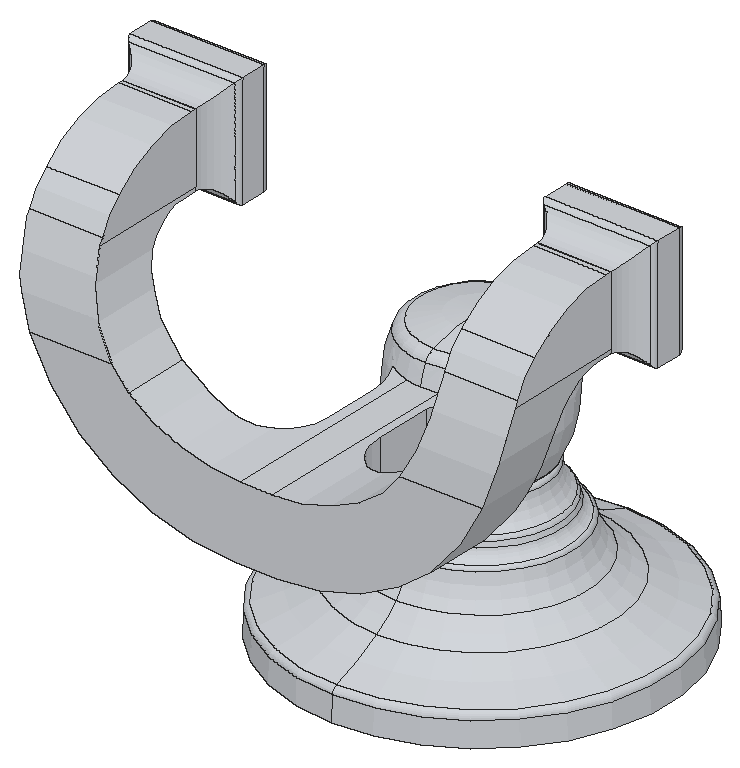
Revit family "Accessory-Robe_Hook-KOHLER-Bancroft-K-11414", category Generic Models, host Face, Revit 2015
Parameters (values of type "CP-Polished Chrome")
  Width = 3 3/16"  # constant formula
  URL = "https://www.us.kohler.com/us/"
  Type = 1
  Product Page URL = "http://www.us.kohler.com/us/catalog/productDetails.jsp?productNumber=11414"
  Product Name = "Bancroft"  # constant formula
  Product Documentation Link = "http://www.us.kohler.com/onlinecatalog/pdf/K-11414_spec.pdf"
  Model = if(Type = 1, "K-11414-CP", if(Type = 2, "K-11414-SN", if(Type = 3, "K-11414-G", if(Type = 4, "K-11414-BN", if(Type = 5, "K-11414-BV", if(Type = 6, "K-11414-2BZ", "NA"))))))  # "K-11414-CP"
  Material = "Premium Metal Construction"  # constant formula
  MasterFormat 2004 = "10.28.13"  # constant formula
  MasterFormat 1995 = "10820"  # constant formula
  Manufacturer Address = "444 Highland Dr, Kohler, WI 53044"  # constant formula
  Manufacturer = "KOHLER Co."  # constant formula
  Length = 2 15/16"  # constant formula
  Height = 2 13/16"  # constant formula
  Finish = Kohler-Metal-CP-Polished_Chrome
  Environmental Product Declaration = ""
  Description = "Robe hook"  # constant formula
  Default Elevation = 42"
  Declare Label = ""
  Date Modified = "11/21/2017"  # constant formula
  Date Created = "11/21/2017"  # constant formula
  Copyright = "Copyright KOHLER Co."  # constant formula
  Contact Us = "https://www.us.kohler.com/us/static/contact.jsp"
  Assembly Code = "C1030200"
  ADA = no
Types (7): name | Type | Model | Finish
  (no name) | 1 | "K-11414-CP" | Kohler-Metal-CP-Polished_Chrome
  CP-Polished Chrome | 1 | "K-11414-CP" | Kohler-Metal-CP-Polished_Chrome
  SN-Vibrant Polished Nickel | 2 | "K-11414-SN" | Kohler-Metal-SN-Vibrant_Polished_Nickel
  G-Brushed Chrome | 3 | "K-11414-G" | Kohler-Metal-G-Brushed_Chrome
  BN-Vibrant Brushed Nickel | 4 | "K-11414-BN" | Kohler-Metal-BN-Vibrant_Brushed_Nickel
  BV-Vibrant Brushed Bronze | 5 | "K-11414-BV" | Kohler-Metal-BV-Brushed_Bronze
  2BZ-Oil Rubbed Bronze | 6 | "K-11414-2BZ" | Kohler-Metal-2BZ-Oil_Rubbed_Bronze
Reference planes (in)
  plane 1 "Center (Front/Back)": y = 0
  plane 2: z = 0
  plane 3 "Center (Left/Right)": x = 0
  plane 4: y = 1.11641
  plane 5: y = -1.69609
  plane 6: x = -1.59219
  plane 7: x = 1.59531
  plane 8: z = 2.9375
Dimensions and locks (in)
  "Height": plane 4 to plane 5
  "Width": plane 6 to plane 7
  "Length": plane 8 to level
  aligned and locked: plane 2 to host face
  aligned and locked: level to host face
Automatic sketch dimensions
  host sketch curve to host sketch curve = 96"  (x2)
Nested families (in)
  nested 1: "K-11414" at (0, 0, 0), type "K-11414"
Definition of nested family "K-11414"
  Parameters (values of type "K-11414")
    Material = none
  Reference planes (in)
    plane 1 "Center (Front/Back)": y = 0
    plane 2: z = 0
    plane 3 "Center (Left/Right)": x = 0
  Forms (in)
    Revolve 1, solid, material <- "Material"
      sketch origin (0, 0, 0) x (0, 1, 0) y (0, 0, 1)
        loop
          arc (1.12003, 0.14735) -> (1.11099, 0.17253) -> (1.08902, 0.1878) r 0.04391
          arc (1.08902, 0.1878) -> (0.93202, 0.2472) -> (0.7839, 0.32619) r 1.3097
          arc (0.7839, 0.32619) -> (0.70715, 0.38068) -> (0.63789, 0.44443) r 0.74411
          arc (0.63789, 0.44443) -> (0.57902, 0.52896) -> (0.54879, 0.62742) r 0.33313
          arc (0.54879, 0.62742) -> (0.54277, 0.64169) -> (0.53051, 0.65115) r 0.03047
          arc (0.53051, 0.65115) -> (0.49533, 0.67714) -> (0.47581, 0.71628) r 0.09359
          line (0.47581, 0.71628) -> (0.46881, 0.7466)
          arc (0.46881, 0.7466) -> (0.46291, 0.76124) -> (0.4528, 0.77337) r 0.05084
          arc (0.4528, 0.77337) -> (0.40141, 0.84174) -> (0.38168, 0.92495) r 0.20915
          arc (0.38168, 0.92495) -> (0.37264, 0.9456) -> (0.35312, 0.95408) r 0.02993
          arc (0.35312, 0.95408) -> (0.3684, 0.95832) -> (0.37932, 0.96982) r 0.02968
          arc (0.37932, 0.96982) -> (0.47143, 1.29546) -> (0.42059, 1.63003) r 0.79964
          arc (0.42059, 1.63003) -> (0.39746, 1.66394) -> (0.3615, 1.68372) r 0.08828
          arc (0.3615, 1.68372) -> (0.18239, 1.72026) -> (0, 1.73252) r 1.36448
          line (0, 1.73252) -> (0, 0.00023) -> (1.12516, 0.00023) -> (1.12003, 0.14735)
        axis (0, 0.00023) -> (0, 1.73252)
      angle from 0 to 360
    Extrusion 2, solid, material <- "Material"
      sketch origin (0, 0, 0) x (1, 0, 0) y (0, 0, 1)
        loop
          line (-1.47, 2.83229) -> (-1.47, 2.41048)
          arc (-1.47, 2.41048) -> (-1.36338, 1.8822) -> (-1.06023, 1.43662) r 1.3621
          arc (-1.06023, 1.43662) -> (-0.62776, 1.16793) -> (-0.12733, 1.07412) r 1.38164
          line (-0.12733, 1.07412) -> (0.12733, 1.07412)
          arc (0.12733, 1.07412) -> (0.62776, 1.16793) -> (1.06023, 1.43662) r 1.38164
          arc (1.06023, 1.43662) -> (1.36338, 1.8822) -> (1.47, 2.41048) r 1.3621
          line (1.47, 2.41048) -> (1.47, 2.83229) -> (1.03, 2.83229) -> (1.03, 2.41048)
          arc (1.03, 2.41048) -> (0.96198, 2.06055) -> (0.76783, 1.76159) r 0.93411
          arc (0.76783, 1.76159) -> (0.45406, 1.57896) -> (0.0966, 1.5155) r 1.03846
          line (0.0966, 1.5155) -> (-0.0966, 1.5155)
          arc (-0.0966, 1.5155) -> (-0.45406, 1.57896) -> (-0.76783, 1.76159) r 1.03846
          arc (-0.76783, 1.76159) -> (-0.96198, 2.06055) -> (-1.03, 2.41048) r 0.93411
          line (-1.03, 2.41048) -> (-1.03, 2.83229) -> (-1.47, 2.83229)
      from 0.29667 to 1.69589
    Extrusion 3, void
      sketch origin (0, 0, 0) x (1, 0, 0) y (0, 1, 0)
        loop
          line (0.15748, -0.61551) -> (0.15748, -0.96076)
          arc (0.15748, -0.96076) -> (0.25586, -1.19829) -> (0.49339, -1.29667) r 0.33591
          line (0.49339, -1.29667) -> (1.55283, -1.29667) -> (1.55283, -0.29667) -> (0.30183, -0.29667)
          arc (0.30183, -0.29667) -> (0.19525, -0.44051) -> (0.15748, -0.61551) r 0.4243
        loop
          arc (-0.15748, -0.61551) -> (-0.19525, -0.44051) -> (-0.30183, -0.29667) r 0.4243
          line (-0.30183, -0.29667) -> (-1.55283, -0.29667) -> (-1.55283, -1.29667) -> (-0.49339, -1.29667)
          arc (-0.49339, -1.29667) -> (-0.25586, -1.19829) -> (-0.15748, -0.96076) r 0.33591
          line (-0.15748, -0.96076) -> (-0.15748, -0.61551)
      from 0.95408 to 1.76159
    Extrusion 4, void
      sketch origin (0, 0, 0) x (0, 1, 0) y (0, 0, 1)
        loop
          line (-1.29667, 1.65227) -> (-0.26174, 1.65227) -> (-0.26174, 3.04505) -> (-0.86056, 3.04505) -> (-0.86056, 2.38882) -> (-0.96071, 2.38882)
          arc (-0.96071, 2.38882) -> (-1.03377, 2.37859) -> (-1.10122, 2.3487) r 0.26613
          arc (-1.10122, 2.3487) -> (-1.1933, 2.26352) -> (-1.24715, 2.15023) r 0.3316
          arc (-1.24715, 2.15023) -> (-1.28424, 1.95748) -> (-1.29667, 1.76159) r 1.54991
          line (-1.29667, 1.76159) -> (-1.29667, 1.65227)
      from -2.81298 to 2.76581
    Extrusion 5, void
      sketch origin (0, 0, 0) x (0, 1, 0) y (0, 0, 1)
        loop
          line (-0.29667, 2.83229) -> (-0.29667, 3.37254) -> (-2.32757, 3.37254) -> (-2.32757, 1.07412) -> (-1.69589, 1.07412) -> (-1.69589, 1.88131)
          arc (-1.69589, 1.88131) -> (-1.6604, 2.17085) -> (-1.56471, 2.44642) r 1.37691
          arc (-1.56471, 2.44642) -> (-1.50896, 2.54) -> (-1.43623, 2.62108) r 0.56265
          arc (-1.43623, 2.62108) -> (-1.18487, 2.77762) -> (-0.89383, 2.83229) r 0.80206
          line (-0.89383, 2.83229) -> (-0.29667, 2.83229)
      from -2.2343 to 2.14038
    Sweep 6, solid, material <- "Material"
      path origin (0, -0.86056, 2.38882) x (0, 0, 1) y (1, 0, 0)
        loop
          line (0.44347, -1.47) -> (0.44347, -1.03) -> (0, -1.03) -> (0, -1.47) -> (0.44347, -1.47)
      profile origin (-1.25, -0.86056, 2.83229) x (0, 0, -1) y (0, 1, 0)
        loop
          line (0, 0) -> (0.19241, 0) -> (0.19241, 0.45795) -> (0.13104, 0.45795)
          arc (0.13104, 0.45795) -> (0.01345, 0.44332) -> (-0.09696, 0.40033) r 0.47995
          arc (-0.09696, 0.40033) -> (-0.11345, 0.38453) -> (-0.11952, 0.36252) r 0.04297
          line (-0.11952, 0.36252) -> (-0.11952, 0.20436)
          arc (-0.11952, 0.20436) -> (-0.11399, 0.18397) -> (-0.09893, 0.16916) r 0.04039
          arc (-0.09893, 0.16916) -> (-0.02655, 0.09798) -> (0, 0) r 0.19408
    Sweep 7, solid, material <- "Material"
      path origin (0, -0.86056, 2.38882) x (0, 0, 1) y (1, 0, 0)
        loop
          line (0.44347, 1.47) -> (0, 1.47) -> (0, 1.03) -> (0.44347, 1.03) -> (0.44347, 1.47)
      profile origin (1.25, -0.86056, 2.83229) x (0, 0, 1) y (0, 1, 0)
        loop
          arc (0, 0) -> (0.02655, 0.09798) -> (0.09893, 0.16916) r 0.19408
          arc (0.09893, 0.16916) -> (0.11399, 0.18397) -> (0.11952, 0.20436) r 0.04039
          line (0.11952, 0.20436) -> (0.11952, 0.36252)
          arc (0.11952, 0.36252) -> (0.11345, 0.38453) -> (0.09696, 0.40033) r 0.04297
          arc (0.09696, 0.40033) -> (-0.01345, 0.44332) -> (-0.13104, 0.45795) r 0.47995
          line (-0.13104, 0.45795) -> (-0.19241, 0.45795) -> (-0.19241, 0) -> (0, 0)
    Extrusion 8, solid, material <- "Material"
      sketch origin (0, 0, 0) x (1, 0, 0) y (0, 0, 1)
        loop
          line (1.22241, 2.63988) -> (1.22241, 2.58123) -> (1.27759, 2.58123) -> (1.27759, 2.63988) -> (1.22241, 2.63988)
        loop
          line (-1.27759, 2.63988) -> (-1.27759, 2.58123) -> (-1.22241, 2.58123) -> (-1.22241, 2.63988) -> (-1.27759, 2.63988)
      from 0.40261 to 0.86056
  Cuts and joins
    Extrusion 3, Extrusion 4, Extrusion 5 cuts Extrusion 2
    joined: Revolve 1, Extrusion 2
    joined: Sweep 6, Sweep 7, Extrusion 8
  Lines and regions (in)
    Masking region 1
      outline origin (0, 0, 0) x (1, 0, 0) y (0, 0, 1)
        loop
          arc (-1.06023, 1.43662) -> (-0.7701, 1.23274) -> (-0.43763, 1.10942) r 1.38164
          arc (-0.43763, 1.10942) -> (-0.41165, 1.03814) -> (-0.37895, 0.96969) r 0.78865
          arc (-0.37895, 0.96969) -> (-0.36803, 0.95828) -> (-0.35281, 0.95408) r 0.02969
          arc (-0.35281, 0.95408) -> (-0.37281, 0.94613) -> (-0.38117, 0.92683) r 0.02783
          arc (-0.38117, 0.92683) -> (-0.40055, 0.84315) -> (-0.45191, 0.7743) r 0.20935
          arc (-0.45191, 0.7743) -> (-0.46274, 0.76124) -> (-0.46906, 0.7455) r 0.05488
          line (-0.46906, 0.7455) -> (-0.47753, 0.7088)
          arc (-0.47753, 0.7088) -> (-0.49758, 0.67383) -> (-0.53057, 0.65066) r 0.09271
          arc (-0.53057, 0.65066) -> (-0.54282, 0.64137) -> (-0.54893, 0.62726) r 0.03032
          arc (-0.54893, 0.62726) -> (-0.57289, 0.54278) -> (-0.61683, 0.46674) r 0.35571
          arc (-0.61683, 0.46674) -> (-0.73065, 0.3627) -> (-0.86203, 0.28197) r 0.81489
          arc (-0.86203, 0.28197) -> (-0.96983, 0.2304) -> (-1.08255, 0.19073) r 1.1085
          arc (-1.08255, 0.19073) -> (-1.10921, 0.1726) -> (-1.1202, 0.14228) r 0.05238
          line (-1.1202, 0.14228) -> (-1.12517, 0) -> (1.12517, 0) -> (1.1202, 0.14228)
          arc (1.1202, 0.14228) -> (1.10921, 0.1726) -> (1.08255, 0.19073) r 0.05238
          arc (1.08255, 0.19073) -> (0.96983, 0.2304) -> (0.86203, 0.28197) r 1.1085
          arc (0.86203, 0.28197) -> (0.73065, 0.3627) -> (0.61683, 0.46674) r 0.81489
          arc (0.61683, 0.46674) -> (0.57289, 0.54278) -> (0.54893, 0.62726) r 0.35571
          arc (0.54893, 0.62726) -> (0.54282, 0.64137) -> (0.53057, 0.65066) r 0.03032
          arc (0.53057, 0.65066) -> (0.49758, 0.67383) -> (0.47753, 0.7088) r 0.09271
          line (0.47753, 0.7088) -> (0.46906, 0.7455)
          arc (0.46906, 0.7455) -> (0.46274, 0.76124) -> (0.45191, 0.7743) r 0.05488
          arc (0.45191, 0.7743) -> (0.40055, 0.84315) -> (0.38117, 0.92683) r 0.20935
          arc (0.38117, 0.92683) -> (0.37281, 0.94613) -> (0.35334, 0.95408) r 0.02783
          arc (0.35334, 0.95408) -> (0.36803, 0.95828) -> (0.37895, 0.96969) r 0.02969
          arc (0.37895, 0.96969) -> (0.41165, 1.03814) -> (0.43763, 1.10942) r 0.78865
          arc (0.43763, 1.10942) -> (0.7701, 1.23274) -> (1.06023, 1.43662) r 1.38164
          arc (1.06023, 1.43662) -> (1.33428, 1.81776) -> (1.46266, 2.2693) r 1.3621
          line (1.46266, 2.2693) -> (1.58952, 2.2693) -> (1.58952, 2.95181) -> (0.91048, 2.95181) -> (0.91048, 2.2693) -> (1.01927, 2.2693)
          arc (1.01927, 2.2693) -> (0.93297, 1.99592) -> (0.76783, 1.76159) r 0.93411
          arc (0.76783, 1.76159) -> (0.61211, 1.65249) -> (0.43912, 1.57361) r 1.03846
          line (0.43912, 1.57361) -> (0.42432, 1.62199)
          arc (0.42432, 1.62199) -> (0.40047, 1.66102) -> (0.36073, 1.68369) r 0.09177
          arc (0.36073, 1.68369) -> (0, 1.73412) -> (-0.36073, 1.68369) r 1.31525
          arc (-0.36073, 1.68369) -> (-0.40047, 1.66102) -> (-0.42432, 1.62199) r 0.09177
          line (-0.42432, 1.62199) -> (-0.43912, 1.57361)
          arc (-0.43912, 1.57361) -> (-0.61211, 1.65249) -> (-0.76783, 1.76159) r 1.03846
          arc (-0.76783, 1.76159) -> (-0.93297, 1.99592) -> (-1.01927, 2.2693) r 0.93411
          line (-1.01927, 2.2693) -> (-0.91048, 2.2693) -> (-0.91048, 2.95181) -> (-1.58952, 2.95181) -> (-1.58952, 2.2693) -> (-1.46266, 2.2693)
          arc (-1.46266, 2.2693) -> (-1.33428, 1.81776) -> (-1.06023, 1.43662) r 1.3621
    Masking region 2
      outline origin (0, 0, 0) x (0, 1, 0) y (0, 0, 1)
        loop
          line (1.12559, 0) -> (1.12062, 0.14228)
          arc (1.12062, 0.14228) -> (1.10963, 0.1726) -> (1.08297, 0.19073) r 0.05238
          arc (1.08297, 0.19073) -> (0.97024, 0.2304) -> (0.86244, 0.28197) r 1.1085
          arc (0.86244, 0.28197) -> (0.73106, 0.3627) -> (0.61724, 0.46674) r 0.81489
          arc (0.61724, 0.46674) -> (0.57331, 0.54278) -> (0.54935, 0.62726) r 0.35571
          arc (0.54935, 0.62726) -> (0.54323, 0.64137) -> (0.53099, 0.65066) r 0.03032
          arc (0.53099, 0.65066) -> (0.49799, 0.67383) -> (0.47795, 0.7088) r 0.09271
          line (0.47795, 0.7088) -> (0.46948, 0.7455)
          arc (0.46948, 0.7455) -> (0.46315, 0.76124) -> (0.45233, 0.7743) r 0.05488
          arc (0.45233, 0.7743) -> (0.40097, 0.84315) -> (0.38159, 0.92683) r 0.20935
          arc (0.38159, 0.92683) -> (0.37323, 0.94613) -> (0.35376, 0.95408) r 0.02783
          arc (0.35376, 0.95408) -> (0.36844, 0.95828) -> (0.37936, 0.96969) r 0.02969
          arc (0.37936, 0.96969) -> (0.47234, 1.29095) -> (0.42474, 1.62199) r 0.79371
          arc (0.42474, 1.62199) -> (0.40088, 1.66102) -> (0.36115, 1.68369) r 0.09177
          arc (0.36115, 1.68369) -> (0.00042, 1.73412) -> (-0.36032, 1.68369) r 1.31525
          arc (-0.36032, 1.68369) -> (-0.40005, 1.66102) -> (-0.42391, 1.62199) r 0.09177
          line (-0.42391, 1.62199) -> (-0.45515, 1.51979) -> (-1.10366, 1.51979)
          arc (-1.10366, 1.51979) -> (-1.17752, 1.52499) -> (-1.25026, 1.53879) r 0.63119
          arc (-1.25026, 1.53879) -> (-1.2837, 1.56058) -> (-1.29667, 1.59832) r 0.06137
          line (-1.29667, 1.59832) -> (-1.29667, 1.76159)
          arc (-1.29667, 1.76159) -> (-1.2837, 1.96169) -> (-1.245, 2.15844) r 1.54991
          arc (-1.245, 2.15844) -> (-1.13452, 2.32456) -> (-0.94566, 2.38882) r 0.30967
          line (-0.94566, 2.38882) -> (-0.86056, 2.38882)
          arc (-0.86056, 2.38882) -> (-0.76177, 2.3618) -> (-0.69049, 2.28825) r 0.19408
          arc (-0.69049, 2.28825) -> (-0.67706, 2.27439) -> (-0.65844, 2.2693) r 0.03658
          line (-0.65844, 2.2693) -> (-0.49531, 2.2693)
          arc (-0.49531, 2.2693) -> (-0.47516, 2.27492) -> (-0.46083, 2.29015) r 0.03893
          arc (-0.46083, 2.29015) -> (-0.41786, 2.40353) -> (-0.40326, 2.5239) r 0.50333
          line (-0.40326, 2.5239) -> (-0.40326, 2.69721)
          arc (-0.40326, 2.69721) -> (-0.41797, 2.81802) -> (-0.46126, 2.93177) r 0.50333
          arc (-0.46126, 2.93177) -> (-0.47507, 2.94641) -> (-0.49446, 2.95181) r 0.03753
          line (-0.49446, 2.95181) -> (-0.65844, 2.95181)
          arc (-0.65844, 2.95181) -> (-0.67706, 2.94672) -> (-0.69049, 2.93285) r 0.03658
          arc (-0.69049, 2.93285) -> (-0.76177, 2.85931) -> (-0.86056, 2.83229) r 0.19408
          line (-0.86056, 2.83229) -> (-0.92776, 2.83229)
          arc (-0.92776, 2.83229) -> (-1.32415, 2.71267) -> (-1.5882, 2.39374) r 0.71657
          arc (-1.5882, 2.39374) -> (-1.66662, 2.14269) -> (-1.69589, 1.88131) r 1.37692
          line (-1.69589, 1.88131) -> (-1.69589, 1.07236) -> (-0.42558, 1.07236)
          arc (-0.42558, 1.07236) -> (-0.40429, 1.02021) -> (-0.37936, 0.96969) r 0.79371
          arc (-0.37936, 0.96969) -> (-0.36761, 0.95828) -> (-0.35239, 0.95408) r 0.02969
          arc (-0.35239, 0.95408) -> (-0.3724, 0.94613) -> (-0.38075, 0.92683) r 0.02783
          arc (-0.38075, 0.92683) -> (-0.40014, 0.84315) -> (-0.45149, 0.7743) r 0.20935
          arc (-0.45149, 0.7743) -> (-0.46232, 0.76124) -> (-0.46864, 0.7455) r 0.05488
          line (-0.46864, 0.7455) -> (-0.47712, 0.7088)
          arc (-0.47712, 0.7088) -> (-0.49716, 0.67383) -> (-0.53016, 0.65066) r 0.09271
          arc (-0.53016, 0.65066) -> (-0.5424, 0.64137) -> (-0.54851, 0.62726) r 0.03032
          arc (-0.54851, 0.62726) -> (-0.57248, 0.54278) -> (-0.61641, 0.46674) r 0.35571
          arc (-0.61641, 0.46674) -> (-0.73023, 0.3627) -> (-0.86161, 0.28197) r 0.81489
          arc (-0.86161, 0.28197) -> (-0.96941, 0.2304) -> (-1.08214, 0.19073) r 1.1085
          arc (-1.08214, 0.19073) -> (-1.1088, 0.1726) -> (-1.11979, 0.14228) r 0.05238
          line (-1.11979, 0.14228) -> (-1.12475, 0) -> (1.12559, 0)
    Masking region 3
      outline origin (0, 0, 0) x (1, 0, 0) y (0, 1, 0)
        loop
          line (-1.36301, -1.69589) -> (1.36301, -1.69589)
          spline (1.36301, -1.69589) -> (1.38037, -1.69461) -> (1.39629, -1.69178) -> (1.41073, -1.6874) -> (1.42365, -1.68148) -> (1.43504, -1.67404) -> (1.44486, -1.66509) -> (1.4531, -1.65465) -> (1.45973, -1.64274) -> (1.46475, -1.6294) -> (1.46814, -1.61464) -> (1.46989, -1.5985) -> (1.47, -1.58102)
          line (1.47, -1.58102) -> (1.47, -0.86056)
          arc (1.47, -0.86056) -> (1.49655, -0.76258) -> (1.56893, -0.6914) r 0.19408
          arc (1.56893, -0.6914) -> (1.58399, -0.67659) -> (1.58952, -0.6562) r 0.04039
          line (1.58952, -0.6562) -> (1.58952, -0.49659)
          arc (1.58952, -0.49659) -> (1.58357, -0.4753) -> (1.56744, -0.46019) r 0.04104
          arc (1.56744, -0.46019) -> (1.45461, -0.4177) -> (1.33492, -0.40326) r 0.50333
          line (1.33492, -0.40326) -> (1.16508, -0.40326)
          arc (1.16508, -0.40326) -> (1.10444, -0.40693) -> (1.04469, -0.41787) r 0.50333
          arc (1.04469, -0.41787) -> (0.92637, 0.63861) -> (-0.01891, 1.125) r 1.12516
          arc (-0.01891, 1.125) -> (-0.93698, 0.62295) -> (-1.04469, -0.41787) r 1.12516
          arc (-1.04469, -0.41787) -> (-1.10444, -0.40693) -> (-1.16508, -0.40326) r 0.50333
          line (-1.16508, -0.40326) -> (-1.33492, -0.40326)
          arc (-1.33492, -0.40326) -> (-1.45461, -0.4177) -> (-1.56744, -0.46019) r 0.50333
          arc (-1.56744, -0.46019) -> (-1.58357, -0.4753) -> (-1.58952, -0.49659) r 0.04104
          line (-1.58952, -0.49659) -> (-1.58952, -0.6562)
          arc (-1.58952, -0.6562) -> (-1.58399, -0.67659) -> (-1.56893, -0.6914) r 0.04039
          arc (-1.56893, -0.6914) -> (-1.49655, -0.76258) -> (-1.47, -0.86056) r 0.19408
          line (-1.47, -0.86056) -> (-1.47, -1.58102)
          spline (-1.47, -1.58102) -> (-1.46989, -1.5985) -> (-1.46814, -1.61464) -> (-1.46475, -1.6294) -> (-1.45973, -1.64274) -> (-1.4531, -1.65465) -> (-1.44486, -1.66509) -> (-1.43504, -1.67404) -> (-1.42365, -1.68148) -> (-1.41073, -1.6874) -> (-1.39629, -1.69178) -> (-1.38037, -1.69461) -> (-1.36301, -1.69589)
    symbolic lines, detail levels medium+fine
      curve 1: line (0, -0.35312, 0.95408) -> (0, 0.35312, 0.95408)
      curve 2: line (0, -1.08879, 0.18786) -> (0, 1.08879, 0.18786)
      curve 3: line (0, -1.29667, 1.76159) -> (0, -1.29667, 1.12349)
      curve 4: line (0, -1.29667, 1.12349) -> (0, -0.96076, 1.07445)
      curve 5: line (0, -0.86056, 2.83229) -> (0, -0.86056, 2.38882)
      curve 6: spline (0, -0.39609, 1.52269) -> (0, -0.4093, 1.48623) -> (0, -0.41938, 1.44841) -> (0, -0.42623, 1.40961) -> (0, -0.42978, 1.37023) -> (0, -0.43, 1.33064) -> (0, -0.42689, 1.29125) -> (0, -0.42047, 1.25244) -> (0, -0.41081, 1.21461) -> (0, -0.39801, 1.17812) -> (0, -0.38219, 1.14334) -> (0, -0.36351, 1.11061) -> (0, -0.34216, 1.08027)
      curve 7: spline (0, -0.61551, 1.07445) -> (0, -0.59076, 1.07449) -> (0, -0.5661, 1.07461) -> (0, -0.54161, 1.07482) -> (0, -0.51737, 1.07512) -> (0, -0.49346, 1.07549) -> (0, -0.46997, 1.07595) -> (0, -0.44698, 1.07648) -> (0, -0.42457, 1.07709) -> (0, -0.4028, 1.07778) -> (0, -0.38177, 1.07854) -> (0, -0.36153, 1.07937) -> (0, -0.34216, 1.08027)
      curve 8: spline (0, -0.39609, 1.52269) -> (0, -0.41274, 1.52158) -> (0, -0.42982, 1.52058) -> (0, -0.44727, 1.5197) -> (0, -0.46508, 1.51894) -> (0, -0.4832, 1.51831) -> (0, -0.50159, 1.51779) -> (0, -0.52021, 1.51739) -> (0, -0.53904, 1.51712) -> (0, -0.55801, 1.51698) -> (0, -0.57711, 1.51695) -> (0, -0.59629, 1.51706) -> (0, -0.61551, 1.51728)
      curve 9: line (-0.76783, -1.29667, 0) -> (-0.76783, -1.69589, 0)
      curve 10: spline (-0.99339, -1.24684, 0) -> (-0.99889, -1.24099, 0) -> (-1.00397, -1.23387, 0) -> (-1.00861, -1.22548, 0) -> (-1.0128, -1.21588, 0) -> (-1.0165, -1.20511, 0) -> (-1.01971, -1.1932, 0) -> (-1.02241, -1.18022, 0) -> (-1.02458, -1.16621, 0) -> (-1.02623, -1.15124, 0) -> (-1.02735, -1.13537, 0) -> (-1.02792, -1.11867, 0) -> (-1.02795, -1.10121, 0)
      curve 11: spline (-0.76783, -1.29667, 0) -> (-0.7938, -1.2968, 0) -> (-0.81862, -1.29614, 0) -> (-0.84223, -1.29469, 0) -> (-0.86459, -1.29244, 0) -> (-0.88565, -1.2894, 0) -> (-0.90537, -1.28559, 0) -> (-0.9237, -1.281, 0) -> (-0.94061, -1.27564, 0) -> (-0.95606, -1.26954, 0) -> (-0.97003, -1.26269, 0) -> (-0.98248, -1.25512, 0) -> (-0.99339, -1.24684, 0)
      curve 12: line (-1.03, -1.58049, 0) -> (-1.03, -0.86056, 0)
      curve 13: arc (-1.03, -0.86056, 0) -> (-1.00345, -0.76258, 0) -> (-0.93107, -0.6914, 0) r 0.19408
      curve 14: arc (-0.93107, -0.6914, 0) -> (-0.91601, -0.67659, 0) -> (-0.91048, -0.6562, 0) r 0.04039
      curve 15: line (-0.91048, -0.6562, 0) -> (-0.91048, -0.49659, 0)
      curve 16: arc (-0.91048, -0.49659, 0) -> (-0.91643, -0.4753, 0) -> (-0.93256, -0.46019, 0) r 0.04104
      curve 17: arc (-0.93256, -0.46019, 0) -> (-1.03967, -0.41913, 0) -> (-1.1533, -0.4034, 0) r 0.50333
      curve 18: arc (-0.49339, -1.29667, 0) -> (-0.25586, -1.19829, 0) -> (-0.15748, -0.96076, 0) r 0.33591
      curve 19: line (-0.15748, -0.96076, 0) -> (-0.15748, -0.61551, 0)
      curve 20: arc (-0.15748, -0.61551, 0) -> (-0.18343, -0.46939, 0) -> (-0.25812, -0.34114, 0) r 0.4243
      curve 21: arc (0.25812, -0.34114, 0) -> (0.18343, -0.46939, 0) -> (0.15748, -0.61551, 0) r 0.4243
      curve 22: line (0.15748, -0.61551, 0) -> (0.15748, -0.96076, 0)
      curve 23: arc (0.15748, -0.96076, 0) -> (0.25586, -1.19829, 0) -> (0.49339, -1.29667, 0) r 0.33591
      curve 24: line (0.49339, -1.29667, 0) -> (0.81425, -1.29667, 0)
      curve 25: spline (1.02796, -1.10122, 0) -> (1.02704, -1.11893, 0) -> (1.02573, -1.13585, 0) -> (1.02404, -1.15189, 0) -> (1.02196, -1.167, 0) -> (1.01951, -1.1811, 0) -> (1.01669, -1.19414, 0) -> (1.01353, -1.20605, 0) -> (1.01003, -1.21679, 0) -> (1.00621, -1.22631, 0) -> (1.00209, -1.23457, 0) -> (0.99768, -1.24153, 0) -> (0.99301, -1.24716, 0)
      curve 26: spline (0.99301, -1.24716, 0) -> (0.98377, -1.25436, 0) -> (0.97345, -1.26103, 0) -> (0.96205, -1.26715, 0) -> (0.94959, -1.27273, 0) -> (0.93608, -1.27774, 0) -> (0.92156, -1.28219, 0) -> (0.90604, -1.28606, 0) -> (0.88953, -1.28936, 0) -> (0.87208, -1.29207, 0) -> (0.85369, -1.2942, 0) -> (0.83441, -1.29573, 0) -> (0.81425, -1.29667, 0)
      curve 27: arc (0.93107, -0.6914, 0) -> (1.00345, -0.76258, 0) -> (1.03, -0.86056, 0) r 0.19408
      curve 28: arc (0.91048, -0.6562, 0) -> (0.91601, -0.67659, 0) -> (0.93107, -0.6914, 0) r 0.04039
      curve 29: line (0.91048, -0.49659, 0) -> (0.91048, -0.6562, 0)
      curve 30: arc (0.93256, -0.46019, 0) -> (0.91643, -0.4753, 0) -> (0.91048, -0.49659, 0) r 0.04104
      curve 31: arc (1.14446, -0.40368, 0) -> (1.0354, -0.42025, 0) -> (0.93256, -0.46019, 0) r 0.50333
      curve 32: line (1.03, -0.86056, 0) -> (1.03, -1.58132, 0)
      curve 33: line (0.76783, -1.29667, 0) -> (0.76783, -1.69589, 0)
      curve 34: spline (0.86567, -1.6959, 0) -> (0.89187, -1.69485, 0) -> (0.91602, -1.69218, 0) -> (0.93804, -1.6879, 0) -> (0.95784, -1.68203, 0) -> (0.97537, -1.67458, 0) -> (0.99055, -1.66559, 0) -> (1.00333, -1.65508, 0) -> (1.01367, -1.6431, 0) -> (1.02153, -1.62968, 0) -> (1.02689, -1.61488, 0) -> (1.02971, -1.59874, 0) -> (1.03, -1.58132, 0)
      curve 35: spline (-1.03, -1.58049, 0) -> (-1.02904, -1.59923, 0) -> (-1.02567, -1.61647, 0) -> (-1.01988, -1.63215, 0) -> (-1.01171, -1.64622, 0) -> (-1.00118, -1.65862, 0) -> (-0.98834, -1.66931, 0) -> (-0.97321, -1.67826, 0) -> (-0.95587, -1.68542, 0) -> (-0.93637, -1.69079, 0) -> (-0.91478, -1.69432, 0) -> (-0.89118, -1.69602, 0) -> (-0.86565, -1.69588, 0)
      curve 36: arc (-0.11868, -0.4087, 0) -> (-0.05994, -0.42134, 0) -> (0, -0.42558, 0) r 0.42558
      curve 37: spline (-0.25812, -0.34114, 0) -> (-0.24748, -0.34852, 0) -> (-0.23662, -0.3556, 0) -> (-0.22557, -0.36237, 0) -> (-0.21433, -0.36882, 0) -> (-0.2029, -0.37497, 0) -> (-0.19131, -0.38079, 0) -> (-0.17955, -0.38628, 0) -> (-0.16764, -0.39144, 0) -> (-0.15559, -0.39627, 0) -> (-0.14341, -0.40075, 0) -> (-0.1311, -0.4049, 0) -> (-0.11868, -0.40869, 0)
      curve 38: arc (0, -0.42558, 0) -> (0.06412, -0.42072, 0) -> (0.12677, -0.40626, 0) r 0.42558
      curve 39: spline (0.12677, -0.40626, 0) -> (0.13845, -0.40245, 0) -> (0.15002, -0.39833, 0) -> (0.16147, -0.39391, 0) -> (0.17281, -0.38919, 0) -> (0.18402, -0.38418, 0) -> (0.19508, -0.37887, 0) -> (0.206, -0.37328, 0) -> (0.21677, -0.3674, 0) -> (0.22737, -0.36124, 0) -> (0.2378, -0.35481, 0) -> (0.24805, -0.34811, 0) -> (0.25812, -0.34114, 0)
      curve 40: arc (0, 0.47753, 0) -> (0.46666, 0.10131, 0) -> (0.198, -0.43455, 0) r 0.47753
      curve 41: line (-0.76783, -1.29667, 0) -> (-0.49339, -1.29667, 0)
      curve 42: arc (-0.198, -0.43455, 0) -> (-0.46666, 0.10131, 0) -> (0, 0.47753, 0) r 0.47753
      curve 43: arc (0.20097, -0.42838, 0) -> (0, 0.47318, 0) -> (-0.20097, -0.42838, 0) r 0.47318
      curve 44: line (-1.47, -0.86056, 0) -> (-1.03, -0.86056, 0)
      curve 45: line (1.03, -0.86056, 0) -> (1.47, -0.86056, 0)
      curve 46: arc (0, 1.08879, 0) -> (0.90965, 0.59833, 0) -> (0.99978, -0.43118, 0) r 1.08879
      curve 47: arc (-0.19181, -1.10869, 0) -> (-0.59731, -0.95576, 0) -> (-0.91048, -0.6562, 0) r 1.08391
      curve 48: arc (0.19181, -1.10869, 0) -> (0.59723, -0.95564, 0) -> (0.91048, -0.6562, 0) r 1.08559
      curve 49: arc (-0.99978, -0.43118, 0) -> (-0.90965, 0.59833, 0) -> (0, 1.08879, 0) r 1.08879
      curve 50: arc (-0.18056, -1.07372, 0) -> (-0.59531, -0.91164, 0) -> (-0.91048, -0.59707, 0) r 1.08879
      curve 51: arc (0.91048, -0.59707, 0) -> (0.59674, -0.9107, 0) -> (0.18393, -1.07315, 0) r 1.08879
      curve 52: line (1.46266, 0, 2.2693) -> (1.01927, 0, 2.2693)
      curve 53: line (-1.01927, 0, 2.2693) -> (-1.46266, 0, 2.2693)
      curve 54: line (0.35281, 0, 0.95408) -> (-0.35334, 0, 0.95408)
      curve 55: line (1.08255, 0, 0.19073) -> (-1.08255, 0, 0.19073)
      curve 56: arc (0.43912, 0, 1.57361) -> (0.47425, 0, 1.34168) -> (0.43912, 0, 1.10976) r 0.78297
      curve 57: line (1.5897, 0, 2.26912) -> (1.33896, 0, 2.51986)
      curve 58: line (1.58952, 0, 2.95181) -> (1.33896, 0, 2.70125)
      curve 59: line (0.91032, 0, 2.95197) -> (1.16104, 0, 2.70125)
      curve 60: line (0.91048, 0, 2.2693) -> (1.16104, 0, 2.51986)
      curve 61: arc (-0.43912, 0, 1.57361) -> (-0.47425, 0, 1.34168) -> (-0.43912, 0, 1.10976) r 0.78297
      curve 62: line (-1.5897, 0, 2.26912) -> (-1.33896, 0, 2.51986)
      curve 63: line (-1.58952, 0, 2.95181) -> (-1.33896, 0, 2.70125)
      curve 64: line (-0.91032, 0, 2.95197) -> (-1.16104, 0, 2.70125)
      curve 65: line (-0.91048, 0, 2.2693) -> (-1.16104, 0, 2.51986)
  Dimensions and locks (in)
    aligned and locked: plane 2 to level
    aligned and locked: curve 1 to cut or joined group of Revolve 1, Extrusion 2, Extrusion 3, Extrusion 4, Extrusion 5
